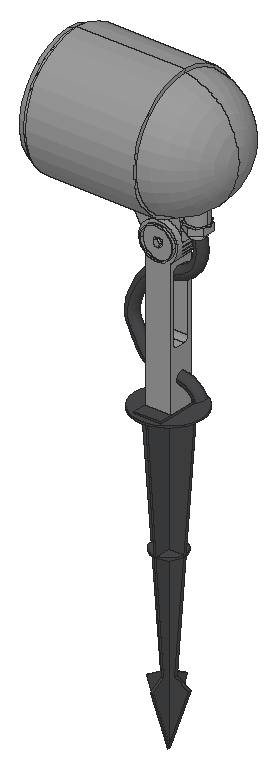
Revit family "LED LANDSCAPE 05_LKG0536WW.13", category Luminarias, Revit 2019
Family settings
  Cota de conector redondo = Diámetro de uso
  Tipo de pieza = Normal
  Se basa en plano de trabajo = Sí
  Siempre vertical = No
  Corte con vacíos al cargar = No
  Origen de luz = Sí
  Compartido = No
  Punto de cálculo de habitación = No
Parameters (values of type "LED LANDSCAPE 05_LKG0536WW.13")
  Ángulo de inclinación = 60.00°
  Ángulo de enfoque = 13.00°
  Ángulo de campo de foco = 13.00°
  Zone [instance] = ""
  Watt per fixture = 9.5
  Wattage = 9.5 W
  built-in parameter 1150107 = 3000 (stored number, unit not read)
  built-in parameter 1150110 = 1 (stored number, unit not read)
  built-in parameter 1150109 = 1 (stored number, unit not read)
  built-in parameter 1150112 = 1 (stored number, unit not read)
  built-in parameter 1150113 = 1 (stored number, unit not read)
  built-in parameter 1114218 = 1 (stored number, unit not read)
  Keynote = ""
  built-in parameter 1150137 = (empty or 0)
  built-in parameter 1150132 = (empty or 0)
  Modelo = "LKG0536WW.13"
  Lámpara = "OSRAM"
  Longitud de símbolo de origen de luz = 500 mm
  Longitud [instance] = 1000 mm
  built-in parameter 1150105 = 18725.9 (stored number, unit not read)
  built-in parameter 1150102 = (empty or 0)
  built-in parameter 1150106 = 187.26 (stored number, unit not read)
  Lumens = 545.775 lm
  Color Filter = 16777215
  built-in parameter 1114217 = 1 (stored number, unit not read)
  built-in parameter 1150139 = (empty or 0)
  Fabricante = "BRILLANT"
  Default Elevation = 0 mm
  built-in parameter 1150104 = 5.3373 (stored number, unit not read)
  Descripción = "LUMINARIA DE JARDIN CON ESTACA, CUERPO DE ALUMINIO FUNDIDO A PRESION CUBIERTO CON POLVO GRIS OSCURO Y VIDRIO TEMPLADO DE 4MM CON UN PESO DE 1.8KG, USO PARA INTERIORES Y EXTERIORES IP 66, IK 05, 5 LED TIPO OSRAM CON UNA POTENCIA DE 9.5W, IRC 80, 586 LUMENES, TEMPERATURA EN BLANCO CALIDO 3000K, EFICIENCIA DE 57.45 LM/W, APERTURA DE 13 GRADOS POR PROYECTO, DIMMEABLE OPCIONAL EN TRIAC, CABLE DE 2.0M H05RN-F, CORRIENTE DE OPERACIÓN 80mA, ALIMENTADO A 100-277V."
  built-in parameter 1150115 = 1 (stored number, unit not read)
  built-in parameter 1150114 = 1 (stored number, unit not read)
  Comentarios de vataje = "100-277V"
  built-in parameter 1150138 = (empty or 0)
  built-in parameter 1150134 = (empty or 0)
  Circuit [instance] = ""
  Dimming Lamp Color Temperature Shift = (empty or 0)
  built-in parameter 1150133 = 10 (stored number, unit not read)
Reference planes
  plane 1 "Centro (Frontal/Posterior)": y = 0
  plane 2: z = 0
  plane 3 "Centro (Izquierda/Derecha)": x = 0
  plane 4: z = -240
  plane 5: z = 240
Forms (mm)
  Extrusion 1, solid, material "Plastico"
    sketch origin (0, 0.339, 0) x (1, 0, 0) y (0, 0, -1)
      loop
        line (21, 1.177) -> (5.711, 188.038) -> (16.715, 194.391) -> (0, 240) -> (-16.715, 194.391) -> (-5.711, 188.038) -> (-21, 1.177) -> (21, 1.177)
    from -1.116 to 0.438
  Extrusion 2, solid, material "Plastico"
    sketch origin (0, 0, 0) x (1, 0, 0) y (0, 1, 0)
      loop
        circle (0, 0) r 26.151
    from -1.177 to 0
  Extrusion 3, solid, material "Plastico"
    sketch origin (-0.339, 0, 0) x (0, 1, 0) y (0, 0, -1)
      loop
        line (21, 1.177) -> (5.711, 188.038) -> (16.715, 194.391) -> (0, 240) -> (-16.715, 194.391) -> (-5.711, 188.038) -> (-21, 1.177) -> (21, 1.177)
    from -1.116 to 0.438
  Extrusion 4, solid, material "Plastico"
    sketch origin (0, 0, 0) x (1, 0, 0) y (0, 1, 0)
      loop
        line (-10.42, 21) -> (-10.42, -21) -> (10.704, -21) -> (10.704, 21) -> (-10.42, 21)
    from 0 to 1.1
  Revolve 5, solid, material "Aluminio"
    sketch origin (26.495, 0, 189.625) x (0, 0, 1) y (-1, 0, 0)
      loop
        line (41.179, 105) -> (41.179, 89.473) -> (0, 89.473) -> (0, 13.75) -> (50.375, 13.75) -> (50.375, 98.06) -> (48.766, 98.06) -> (48.766, 100.696) -> (47.199, 105) -> (41.179, 105)
      axis (0, 13.75) -> (0, 105)
    angle from 0 to 360
  Extrusion 6, solid, material "Cristal"
    sketch origin (24.915, 0, 231.553) x (0, 0, -1) y (0, -1, 0)
      loop
        circle (41.928, 0) r 41.179
    from 100.969 to 102.391
  Extrusion 7, solid, material "Aluminio"
    sketch origin (0, 12.96, 0) x (1, 0, 0) y (0, 0, -1)
      loop
        arc (-9.529, -106.898) -> (0, -133.96) -> (9.529, -106.898) r 15.208
        line (9.529, -106.898) -> (9.529, 0.046) -> (-9.529, 0.046) -> (-9.529, -106.898)
      loop
        circle (0, -118.751) r 3.742
    from -22.82 to -2.96
  Extrusion 8, solid, material "Plastico"
    sketch origin (0, 0, 0) x (1, 0, 0) y (0, 1, 0)
      loop
        circle (0, 0) r 12.9
    from -101.453 to -99.897
  Extrusion 9, solid, material "Aluminio"
    sketch origin (-34.084, 0, 0) x (1, 0, 0) y (0, 1, 0)
      loop
        circle (34.084, 0) r 2.773
      loop
        line (32.325, -1.016) -> (34.084, -2.031) -> (35.843, -1.016) -> (35.843, 1.016) -> (34.084, 2.031) -> (32.325, 1.016) -> (32.325, -1.016)
    from 1.1 to 2.206
  Sweep 10, solid, material "Plastico"
    path origin (-0.312, 0, 2.969) x (1, 0, 0) y (0, 0, 1)
      loop
        spline (20.345, 140.016) -> (25.143, 109.598) -> (16.531, 96.691) -> (4.285, 91.642) -> (-7.043, 89.048) -> (-17.102, 81.906) -> (-25.394, 66.88) -> (-28.171, 52.849) -> (-24.96, 43.683) -> (-20.165, 33.842) -> (-11.722, 24.382) -> (7.059, 21.117) -> (25.195, 9.566)
    profile origin (-25.706, 0, 69.849) x (0.934331, 0, -0.356407) y (0, -1, 0)
      loop
        circle (0, 0) r 4.5
  Revolve 11, solid, material "Aluminio"
    sketch origin (-25, 0, 123.619) x (1, 0, 0) y (0, 0, 1)
      loop
        line (37.745, 114.253) -> (37.745, 66.006) -> (80.495, 66.006)
        arc (80.495, 66.006) -> (68.27, 98.237) -> (37.745, 114.253) r 48.6
      axis (37.745, 66.006) -> (80.495, 66.006)
    angle from 0 to 360
  Extrusion 12, void
    sketch origin (-13.819, 0, 19.982) x (0, 0, 1) y (0, -1, 0)
      loop
        arc (82.47, 3.827) -> (81.345, 6.544) -> (78.628, 7.669) r 3.842
        line (78.628, 7.669) -> (29.512, 7.669)
        arc (29.512, 7.669) -> (26.796, 6.544) -> (25.67, 3.827) r 3.842
        line (25.67, 3.827) -> (25.67, -3.489)
        arc (25.67, -3.489) -> (26.796, -6.206) -> (29.512, -7.331) r 3.842
        line (29.512, -7.331) -> (78.628, -7.331)
        arc (78.628, -7.331) -> (81.345, -6.206) -> (82.47, -3.489) r 3.842
        line (82.47, -3.489) -> (82.47, 3.827)
    from 0 to 28.819
  Extrusion 13, solid, material "Aluminio"
    sketch origin (0.302, -12.138, 74.304) x (1, 0, 0) y (0, 0, -1)
      loop
        circle (-0.302, -44.493) r 12.951
      loop
        circle (-0.302, -44.493) r 2.303
      loop
        circle (-0.302, -44.493) r 12.186
    from 22.39 to 23.912
  Extrusion 14, solid, material "Aluminio"
    sketch origin (0, 0, 0) x (1, 0, 0) y (0, 0, 1)
      loop
        arc (-15.208, 118.751) -> (0, 103.543) -> (15.208, 118.751) r 15.208
        line (15.208, 118.751) -> (12.745, 139.25) -> (-27.043, 139.25) -> (-15.208, 118.751)
    from -5.02 to 5.066
  Extrusion 15, solid, material "Aluminio"
    sketch origin (-19.223, 0, 0) x (1, 0, 0) y (0, 1, 0)
      loop
        circle (42.258, 0) r 8
    from 137.682 to 151.822
  Extrusion 16, solid, material "Aluminio"
    sketch origin (0, 0, 0) x (1, 0, 0) y (0, 1, 0)
      loop
        line (18.05, 8.634) -> (13.065, 0) -> (18.05, -8.634) -> (28.019, -8.634) -> (33.004, 0) -> (28.019, 8.634) -> (18.05, 8.634)
    from 136.733 to 137.682
  Extrusion 17, solid, material "Aluminio"
    sketch origin (0, 0, 0) x (1, 0, 0) y (0, 1, 0)
      loop
        line (23.035, 9.754) -> (14.588, 4.877) -> (14.588, -4.877) -> (23.035, -9.754) -> (31.482, -4.877) -> (31.482, 4.877) -> (23.035, 9.754)
    from 131.394 to 136.733
  Revolve 18, solid
    sketch origin (0, 0, 0) x (1, 0, 0) y (0, 0, 1)
      loop
        arc (23.035, 124.385) -> (27.991, 126.438) -> (30.043, 131.394) r 7.009
        line (30.043, 131.394) -> (23.035, 131.394) -> (23.035, 124.385)
      axis (23.035, 131.394) -> (23.035, 124.385)
    angle from 0 to 360
  Revolve 19, solid
    sketch origin (9.15, 0.32, 84.63) x (0, 0, 1) y (1, 0, 0)
      loop
        spline (105.714, -77.128) -> (106.844, -77.085) -> (107.955, -76.958) -> (109.027, -76.748) -> (110.043, -76.458) -> (110.984, -76.095) -> (111.835, -75.664) -> (112.582, -75.172) -> (113.211, -74.628) -> (113.712, -74.042) -> (114.076, -73.422) -> (114.297, -72.781) -> (114.371, -72.128)
        line (114.371, -72.128) -> (105.714, -72.128) -> (105.714, -77.128)
      axis (105.714, -72.128) -> (105.714, -77.128)
    angle from 0 to 360
  Revolve 20, solid
    sketch origin (9.15, 0.32, 112.13) x (0, 0, 1) y (1, 0, 0)
      loop
        spline (105.714, -77.128) -> (106.844, -77.085) -> (107.955, -76.958) -> (109.027, -76.748) -> (110.043, -76.458) -> (110.984, -76.095) -> (111.835, -75.664) -> (112.582, -75.172) -> (113.211, -74.628) -> (113.712, -74.042) -> (114.076, -73.422) -> (114.297, -72.781) -> (114.371, -72.128)
        line (114.371, -72.128) -> (105.714, -72.128) -> (105.714, -77.128)
      axis (105.714, -72.128) -> (105.714, -77.128)
    angle from 0 to 360
  Revolve 21, solid
    sketch origin (9.15, -16.019, 59.47) x (0, 0, 1) y (1, 0, 0)
      loop
        spline (105.714, -77.128) -> (106.844, -77.085) -> (107.955, -76.958) -> (109.027, -76.748) -> (110.043, -76.458) -> (110.984, -76.095) -> (111.835, -75.664) -> (112.582, -75.172) -> (113.211, -74.628) -> (113.712, -74.042) -> (114.076, -73.422) -> (114.297, -72.781) -> (114.371, -72.128)
        line (114.371, -72.128) -> (105.714, -72.128) -> (105.714, -77.128)
      axis (105.714, -72.128) -> (105.714, -77.128)
    angle from 0 to 360
  Revolve 22, solid
    sketch origin (9.15, 16.019, 59.47) x (0, 0, 1) y (-1, 0, 0)
      loop
        line (105.714, 77.128) -> (105.714, 72.128) -> (114.371, 72.128)
        spline (114.371, 72.128) -> (114.297, 72.781) -> (114.076, 73.422) -> (113.712, 74.042) -> (113.211, 74.628) -> (112.582, 75.172) -> (111.835, 75.664) -> (110.984, 76.095) -> (110.043, 76.458) -> (109.027, 76.748) -> (107.955, 76.958) -> (106.844, 77.085) -> (105.714, 77.128)
      axis (105.714, 72.128) -> (105.714, 77.128)
    angle from 0 to 360
  Revolve 23, solid
    sketch origin (9.15, -25.866, 93.542) x (0, 0, 1) y (1, 0, 0)
      loop
        spline (105.714, -77.128) -> (106.844, -77.085) -> (107.955, -76.958) -> (109.027, -76.748) -> (110.043, -76.458) -> (110.984, -76.095) -> (111.835, -75.664) -> (112.582, -75.172) -> (113.211, -74.628) -> (113.712, -74.042) -> (114.076, -73.422) -> (114.297, -72.781) -> (114.371, -72.128)
        line (114.371, -72.128) -> (105.714, -72.128) -> (105.714, -77.128)
      axis (105.714, -72.128) -> (105.714, -77.128)
    angle from 0 to 360
  Revolve 24, solid
    sketch origin (9.15, 25.866, 93.542) x (0, 0, 1) y (-1, 0, 0)
      loop
        line (105.714, 77.128) -> (105.714, 72.128) -> (114.371, 72.128)
        spline (114.371, 72.128) -> (114.297, 72.781) -> (114.076, 73.422) -> (113.712, 74.042) -> (113.211, 74.628) -> (112.582, 75.172) -> (111.835, 75.664) -> (110.984, 76.095) -> (110.043, 76.458) -> (109.027, 76.748) -> (107.955, 76.958) -> (106.844, 77.085) -> (105.714, 77.128)
      axis (105.714, 72.128) -> (105.714, 77.128)
    angle from 0 to 360
  Extrusion 25, void
    sketch origin (-137.556, -15.918, -43.214) x (0, 0, 1) y (0, -1, 0)
      loop
        circle (265.623, -45.641) r 1.924
      loop
        circle (265.623, 13.804) r 1.924
      loop
        circle (200.243, -45.641) r 1.924
      loop
        circle (200.243, 13.804) r 1.924
    from 56.713 to 66.501
  Extrusion 26, solid, material "Aluminio"
    sketch origin (0.302, 12.138, 74.304) x (1, 0, 0) y (0, 0, 1)
      loop
        circle (-0.302, 44.493) r 12.951
      loop
        circle (-0.302, 44.493) r 2.303
      loop
        circle (-0.302, 44.493) r 12.186
    from 22.39 to 23.912
Cuts and joins
  Extrusion 12 cuts Extrusion 7
  Extrusion 25 cuts Revolve 5
Dimensions and locks
  plane 2 to plane 4 = 240 mm
  Revolve 5 sketch curve to Revolve 5 sketch curve = 50.375 mm
  plane 5 to level = 240 mm
  plane 5 to plane 4 = 480 mm
  aligned and locked: level to plane 2
  aligned and locked: Extrusion 2 to Extrusion 1 sketch curve
Connectors
  electrical at (24.882, 0, 12.535)
    settings: on Sweep 10, index 1, voltage 277 V, apparent load 0 VA, apparent load phase1 0 VA, apparent load phase2 0 VA, apparent load phase3 0 VA, power factor 1, load classification "Otro", number of poles 1, system type 31, power factor state 1, is connector primary yes, connector utility no, sub classification motor no, connector description ""
